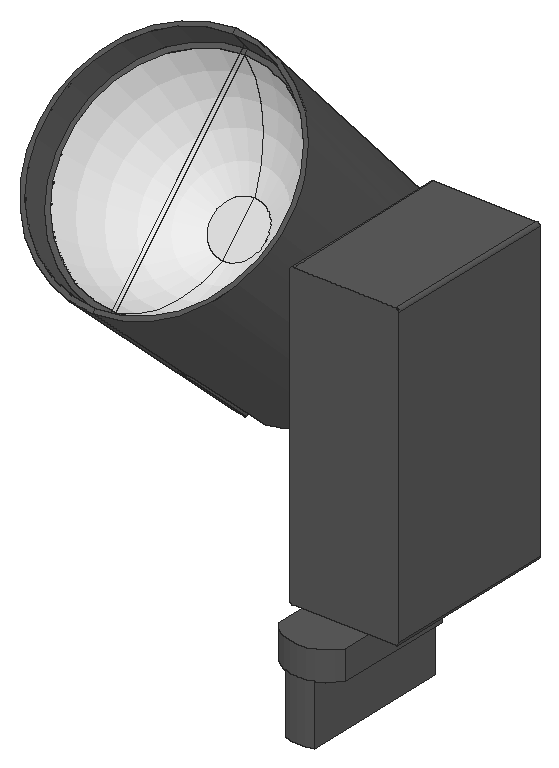
Revit family "0004845 Feilo Sylvania Lighting Fixture START TRACK SPOT L 55W 3K RA80 MB BLACK", category Lighting Fixtures, host Face, Revit 2017
Family settings
  Host = Face
  Round Connector Dimension = Use Diameter
  Part Type = Normal
  OmniClass Number = 23.80.70.00
  OmniClass Title = Lighting
  Cut with Voids When Loaded = No
  Light Source = No
  Shared = No
  Room Calculation Point = No
Parameters (values of type "0004845 START TRACK SPOT L 55W 3K RA80 MB BLACK")
  Weight = "1.398 kg"
  Wattage Comments = ""
  WarrantyStartDate [instance] = "n/a"
  WarrantyGuarantorParts = "n/a"
  WarrantyDurationUnit = "n/a"
  WarrantyDurationParts = "n/a"
  WarrantyDescription = "n/a"
  Voltage = 230 V
  URL = "http://www.sylvania-lighting.com"
  TypeName = "START TRACK SPOT L 55W 3K RA80 MB BLACK"
  TypeHead_FEILO = Start Track Spot Head : 0004845 START TRACK SPOT L 55W 3K RA80 MB BLACK
  TypeBox_FEILO = Start Track Spot Box : Type Large Black
  Type Image = <None>
  Type Comments = "n/a"
  VerticalRotation_FEILO [instance] = 0.00°
  SlideEndAngle_FEILO [instance] = VerticalRotation_FEILO + 180.00°  # 180.00°
  SerialNumber [instance] = "n/a"
  Material_3_FEILO = none
  PowerFactor = 0.96
  PowerConsumption = "55 W"
  NominalLength = 0 mm
  NominalHeight = 240 mm
  NominalDepth = 164 mm
  Name = "START TRACK SPOT L 55W 3K RA80 MB BLACK"
  ModelReference = Name  # "START TRACK SPOT L 55W 3K RA80 MB BLACK"
  ModelNumber = "0004845"
  Model = Name  # "START TRACK SPOT L 55W 3K RA80 MB BLACK"
  Material = "adc12 aluminium housing, polycarbonate diffuser"
  ManufacturerName = "Feilo Sylvania"
  Manufacturer = "Feilo Sylvania"
  LuminousEfficacy = "98 lm/W"
  LuminaireType = ""
  LightOutputRatio = "100"
  LampsType = Lamp  # "LED"
  LampNominalLuminous = "5381 lm"
  LampMacAdamStep = "3"
  LampColourTemperature = "3000 K"
  LampColourRenderingIndex = "80"
  Lamp = "LED"
  Keynote = "16500"
  InstallationDate [instance] = "n/a"
  InputVoltage = "230-240V~"
  InputNominalFrequency = "50/60 Hz"
  IngressProtection = "IP20"
  ImpactProtectionIndex = "IK02"
  IfcExportType = "IfcLightFixtureType"
  IfcExportAs = "IfcLightFixtureType"
  HorizontalRotation_FEILO [instance] = 45.00°
  ExpectedLife = 50000
  ElectricShockClassification = "Class II"
  DurationUnit = "hours"
  DocumentationLiterature = "http://www.sylvania-lighting.com/product/en-int/products/0004845"
  DimmingControlOptions = "Non dimmable"
  Material_2_FEILO = none
  Description = "Integrated LED spotlight, Textured Black - RAL9005, compact and minimalist design, ideal for retail applications, die-cast aluminium body, passive cooling heatsink. Beam angle: 38°, color temperature: 3000K , total system power: 55W, total fixture output: 5381 lm, LOR: 100%, colour rendering: Ra: 80 typical, LED Chromaticity: 3 step MacAdam ellipse, lifetime: >50000 hours at L70B50, energy class: A++, A+, A, IR/UV free light source without heat radiation, operating voltage: 220-240V / 50-60Hz, drive current: 1400mA, electronic driver, non-dimmable, power factor: 0.96, electrical protection: Class II, Global Track 3 Phase adapter suitable for Global trac 3-circuit tracks, ingress protection rating: IP20, suitable for internal environment only, horizontal rotation: 355°, vertical tilt: 90°, dimensions: Ø113x164x240, weight: 1.398kg."
  Default Elevation = 1219.2 mm
  CreatedOn = "12/12/2017"
  CreatedBy = ""
  Cost = 0
  built-in parameter 1114216 [instance] = (empty or 0)
  ClassificationValue = "EF_70_80"
  ClassificationName = "Uniclass2015"
  Material_1_FEILO = Body-Sylvania-StartTrackSpot-Black
  BarCode [instance] = "n/a"
  AssetType = "Fixed"
  AssetIdentifier [instance] = "n/a"
  Assembly Code = "D5020200"
  Apparent Load = 55 VA
  Material_4_FEILO = none
Reference planes
  plane 1 "Center (Front/Back)": y = 0
  plane 2: z = 0
  plane 3 "Center (Left/Right)": x = 0
  plane 4: x = 15
  plane 5: x = -15
  plane 6: y = 35
  plane 7: y = -35
  plane 8: z = 13
  plane 9: z = -27
  plane 10: x = 6.5
  plane 11: x = -6.5
  plane 12: y = 27
  plane 13: y = -27
  plane 14: y = 20
Forms (mm)
  Extrusion 1, solid, material "Body-Sylvania-StartTrackSpot-Black" <- "Material_1_FEILO"
    sketch origin (0, 0, 0) x (1, 0, 0) y (0, 1, 0)
      loop
        line (-15, 27) -> (-15, -27)
        arc (-15, -27) -> (0, -35) -> (15, -27) r 18.062
        line (15, -27) -> (15, 27)
        arc (15, 27) -> (0, 35) -> (-15, 27) r 18.062
    from 0 to 13
  Extrusion 2, solid, material "Body-Sylvania-StartTrackSpot-Black" <- "Material_1_FEILO"
    sketch origin (0, 0, 0) x (1, 0, 0) y (0, 1, 0)
      loop
        arc (6.5, 33.79) -> (0, 35) -> (-6.5, 33.79) r 18.062
        line (-6.5, 33.79) -> (-6.5, -33.79)
        arc (-6.5, -33.79) -> (0, -35) -> (6.5, -33.79) r 18.062
        line (6.5, -33.79) -> (6.5, 33.79)
    from 0 to -27
  Revolve 3, solid, not visible
    sketch origin (1524, 20, 1219.2) x (1, 0, 0) y (0, 0, 1)
      loop
        line (-1524, -1206.2) -> (-1524, -1191.285) -> (-1530.5, -1191.285) -> (-1530.5, -1206.2) -> (-1524, -1206.2)
      axis (-1524, -1191.285) -> (-1524, -1206.2)
    angle from 0 <- "VerticalRotation_FEILO" to 180 <- "SlideEndAngle_FEILO"
Cuts and joins
  joined: Extrusion 1, Extrusion 2
Dimensions and locks
  equal spacing: plane 10, plane 3 "Center (Left/Right)", plane 11
  equal spacing: plane 4, plane 3 "Center (Left/Right)", plane 5
  locked: plane 8 to plane 2 at 13
  locked: plane 8 to plane 9 at 40
  equal spacing: plane 13, plane 1 "Center (Front/Back)", plane 12
  locked: plane 12 to plane 6 at 8
  locked: plane 14 to plane 6 at 15
  locked: Revolve 3 sketch curve to plane 8 at 14.915
  aligned and locked: plane 2 to host face
  aligned and locked: level to host face
  aligned and locked: plane 5 to Extrusion 1 sketch curve  (x2)
  aligned and locked: plane 12 to Extrusion 1 sketch curve
  aligned and locked: plane 13 to Extrusion 1 sketch curve
  aligned and locked: plane 4 to Extrusion 1 sketch curve
  aligned and locked: Extrusion 1 to plane 8
  aligned and locked: Extrusion 1 to level
  aligned and locked: Extrusion 2 sketch curve to Extrusion 1  (x2)
  aligned and locked: Extrusion 2 sketch curve to plane 11
  aligned and locked: plane 10 to Extrusion 2 sketch curve
  aligned and locked: plane 9 to Extrusion 2
  aligned and locked: level to Extrusion 2
  aligned and locked: Revolve 3 sketch curve to plane 3 "Center (Left/Right)"  (x2)
  aligned and locked: plane 11 to Revolve 3 sketch curve
  aligned and locked: Revolve 3 sketch curve to plane 8
Automatic sketch dimensions
  host sketch curve to host sketch curve = 2438.4 mm  (x2)
  Extrusion 1 sketch curve to plane 3 "Center (Left/Right)" = 0 mm  (x2)
  Extrusion 1 sketch curve to plane 13 = 10.062 mm
  plane 12 to Extrusion 1 sketch curve = 10.062 mm
  Revolve 3 sketch curve to plane 3 "Center (Left/Right)" = 0 mm
  plane 9 to Revolve 3 sketch curve = 582.6 mm
  Revolve 3 sketch curve to Revolve 3 sketch curve = 2581.144 mm
Nested families
  nested 1: "Start Track Spot Head" at (-75.5, 20, 133) x (0, 0.7071, 0.7071) z (0, 0.7071, -0.7071), type <- "TypeHead_FEILO", type "0004845 START TRACK SPOT L 55W 3K RA80 MB BLACK"
    with built-in parameter 1114216 (empty or 0)
  nested 2: "Start Track Spot Box" at (8.5, 20, 85) x (-1, 0, 0) z (0, -1, 0), BoxStartAngle_FEILO <- "HorizontalRotation_FEILO", type <- "TypeBox_FEILO", type "Type Large Black"
    with BoxStartAngle_FEILO 45.00°, BoxEndAngle_FEILO -135.00°
Connectors
  electrical at (0, 0, 0), driven by "Apparent Load", driven by "PowerFactor", driven by "Voltage"
    settings: index 1, voltage 230 V, apparent load 55 VA, apparent load phase1 0 VA, apparent load phase2 0 VA, apparent load phase3 0 VA, power factor 0.96, load classification "Lighting", number of poles 1, system type 30, power factor state 1, is connector primary yes, connector utility no, sub classification motor no, connector description ""
Definition of nested family "Start Track Spot Head"
  Parameters (values of type "0004811 START TRACK SPOT S 14W 3K RA80 NB WHITE")
    Wattage Comments = "n/a"
    Wattage = 14 W
    built-in parameter 1150110 = 1 (stored number, unit not read)
    URL = "http://www.feilosylvania.com"
    Type Image = (empty or 0)
    Type Comments = "n/a"
    built-in parameter 1114217 = 1 (stored number, unit not read)
    Tilt Angle = -90.00°
    built-in parameter 1150109 = 1 (stored number, unit not read)
    built-in parameter 1150134 = (empty or 0)
    built-in parameter 1150113 = 1 (stored number, unit not read)
    Photometric Web File = "0004811.ies"
    Material_3_FEILO = none
    Model = "START TRACK SPOT S 14W 3K RA80 NB WHITE"
    Manufacturer = "Feilo Sylvania"
    built-in parameter 1150105 = 123.66 (stored number, unit not read)
    Lumens = 1554 lm
    built-in parameter 1150115 = 1 (stored number, unit not read)
    built-in parameter 1150137 = (empty or 0)
    built-in parameter 1150139 = (empty or 0)
    built-in parameter 1150112 = 1 (stored number, unit not read)
    built-in parameter 1150114 = 1 (stored number, unit not read)
    Lamp = "LED"
    Keynote = "16500"
    Material_2_FEILO = none
    built-in parameter 1150132 = (empty or 0)
    built-in parameter 1150102 = (empty or 0)
    built-in parameter 1150107 = 3000 (stored number, unit not read)
    built-in parameter 1150138 = (empty or 0)
    built-in parameter 1150106 = 1.2366 (stored number, unit not read)
    HeadThickness_FEILO = if(HeadDiaOut_FEILO > 112 mm, 2 mm, 1.5 mm)  # 1.5 mm
    HeadRibOffset_FEILO = HeadHeight_FEILO / 28  # 4.179 mm
    HeadRibDepth_FEILO = HeadHeight_FEILO / 2.1  # 55.714 mm
    HeadRibCutWidth_FEILO = HeadDiaOut_FEILO / 12  # 7.167 mm
    HeadRibCutOffset_FEILO = HeadHeight_FEILO / 2.3  # 50.87 mm
    HeadReflectorRadius_FEILO = HeadDiaOut_FEILO / 1.7  # 50.588 mm
    HeadReflectorOffset_FEILO = HeadHeight_FEILO / 2.1  # 55.714 mm
    HeadLEDRadius_FEILO = HeadDiaOut_FEILO / 9  # 9.556 mm
    HeadHeight_FEILO = 117 mm
    HeadDraft_FEILO = 1 mm
    HeadDiffusorThickness_FEILO = 3 mm
    HeadDiffusorOffset_FEILO = HeadHeight_FEILO / 12.4  # 9.435 mm
    HeadDiaOut_FEILO = 86 mm
    HeadDiaIn_FEILO = HeadDiaOut_FEILO / 1.11  # 77.477 mm
    HeadAxisFromTop_FEILO = HeadHeight_FEILO / 1.687  # 69.354 mm
    Emit from Circle Diameter = HeadDiaIn_FEILO  # 77.477 mm
    Emit Shape Visible in Rendering = no
    built-in parameter 1150104 = 10.312 (stored number, unit not read)
    Dimming Lamp Color Temperature Shift = (empty or 0)
    Description = "Integrated LED spotlight, Textured White - RAL9016, compact and minimalist design, ideal for retail applications, die-cast aluminium body, passive cooling heatsink. Beam angle: 12°, color temperature: 3000K , total system power: 14W, total fixture output: 1551 lm, LOR: 100%, colour rendering: Ra: 80 typical, LED Chromaticity: 3 step MacAdam ellipse, lifetime: >50000 hours at L70B50, energy class: A++, A+, A, IR/UV free light source without heat radiation, operating voltage: 220-240V / 50-60Hz, drive current: 350mA, electronic driver, non-dimmable, power factor: 0.92, electrical protection: Class II, Global Track 3 Phase adapter suitable for Global trac 3-circuit tracks, ingress protection rating: IP20, suitable for internal environment only, horizontal rotation: 355°, vertical tilt: 90°, dimensions: Ø86x140x200, weight: 0.940kg."
    Default Elevation = 1219.2 mm
    Cost = 0
    Color Filter = 16777215
    built-in parameter 1114216 [instance] = (empty or 0)
    Material_1_FEILO = none
    built-in parameter 1114218 = 1 (stored number, unit not read)
    built-in parameter 1150133 = 10 (stored number, unit not read)
    Assembly Code = "D5020200"
    Apparent Load = 14 VA
    Material_4_FEILO = none
  Types (96, lengths in mm): name | Wattage | built-in parameter 1150134 | Photometric Web File | Model | built-in parameter 1150105 | Lumens | built-in parameter 1150107 | built-in parameter 1150106 | HeadThickness_FEILO | HeadRibOffset_FEILO | HeadRibDepth_FEILO | HeadRibCutWidth_FEILO | HeadRibCutOffset_FEILO | HeadReflectorRadius_FEILO | HeadReflectorOffset_FEILO | HeadLEDRadius_FEILO | HeadHeight_FEILO | HeadDiffusorOffset_FEILO | HeadDiaOut_FEILO | HeadDiaIn_FEILO | HeadAxisFromTop_FEILO | Emit from Circle Diameter | built-in parameter 1150104 | Description | Apparent Load
    0004906 START TRACK SPOT L 55W 4K RA90 WB BLACK | 55 W | 12 | "0004906.ies" | "START TRACK SPOT L 55W 4K RA90 WB BLACK" | 385.15 (stored number, unit not read) | 4840 lm | 4000 (stored number, unit not read) | 3.8515 (stored number, unit not read) | 2 | 4.429 | 59.048 | 9.417 | 53.913 | 66.471 | 59.048 | 12.556 | 124 | 10 | 113 | 101.802 | 73.503 | 101.802 | 8.1755 (stored number, unit not read) | "Integrated LED spotlight, Textured Black - RAL9005, compact and minimalist design, ideal for retail applications, die-cast aluminium body, passive cooling heatsink. Beam angle: 52°, color temperature: 4000K , total system power: 55W, total fixture output: 4824 lm, LOR: 100%, colour rendering: Ra: 90 typical, LED Chromaticity: 3 step MacAdam ellipse, lifetime: >50000 hours at L70B50, energy class: A++, A+, A, IR/UV free light source without heat radiation, operating voltage: 220-240V / 50-60Hz, drive current: 1400mA, electronic driver, non-dimmable, power factor: 0.96, electrical protection: Class II, Global Track 3 Phase adapter suitable for Global trac 3-circuit tracks, ingress protection rating: IP20, suitable for internal environment only, horizontal rotation: 355°, vertical tilt: 90°, dimensions: Ø113x164x240, weight: 1.398kg." | 55 VA
    0004905 START TRACK SPOT L 55W 4K RA90 MB BLACK | 55 W | 12 | "0004905.ies" | "START TRACK SPOT L 55W 4K RA90 MB BLACK" | 389.53 (stored number, unit not read) | 4895 lm | 4000 (stored number, unit not read) | 3.8953 (stored number, unit not read) | 2 | 4.429 | 59.048 | 9.417 | 53.913 | 66.471 | 59.048 | 12.556 | 124 | 10 | 113 | 101.802 | 73.503 | 101.802 | 8.2684 (stored number, unit not read) | "Integrated LED spotlight, Textured Black - RAL9005, compact and minimalist design, ideal for retail applications, die-cast aluminium body, passive cooling heatsink. Beam angle: 38°, color temperature: 4000K , total system power: 55W, total fixture output: 4897 lm, LOR: 100%, colour rendering: Ra: 90 typical, LED Chromaticity: 3 step MacAdam ellipse, lifetime: >50000 hours at L70B50, energy class: A++, A+, A, IR/UV free light source without heat radiation, operating voltage: 220-240V / 50-60Hz, drive current: 1400mA, electronic driver, non-dimmable, power factor: 0.96, electrical protection: Class II, Global Track 3 Phase adapter suitable for Global trac 3-circuit tracks, ingress protection rating: IP20, suitable for internal environment only, horizontal rotation: 355°, vertical tilt: 90°, dimensions: Ø113x164x240, weight: 1.398kg." | 55 VA
    0004904 START TRACK SPOT L 55W 4K RA90 NB BLACK | 55 W | 12 | "0004904.ies" | "START TRACK SPOT L 55W 4K RA90 NB BLACK" | 393.91 (stored number, unit not read) | 4950 lm | 4000 (stored number, unit not read) | 3.9391 (stored number, unit not read) | 2 | 4.429 | 59.048 | 9.417 | 53.913 | 66.471 | 59.048 | 12.556 | 124 | 10 | 113 | 101.802 | 73.503 | 101.802 | 8.3613 (stored number, unit not read) | "Integrated LED spotlight, Textured Black - RAL9005, compact and minimalist design, ideal for retail applications, die-cast aluminium body, passive cooling heatsink. Beam angle: 15°, color temperature: 4000K , total system power: 55W, total fixture output: 4965 lm, LOR: 100%, colour rendering: Ra: 90 typical, LED Chromaticity: 3 step MacAdam ellipse, lifetime: >50000 hours at L70B50, energy class: A++, A+, A, IR/UV free light source without heat radiation, operating voltage: 220-240V / 50-60Hz, drive current: 1400mA, electronic driver, non-dimmable, power factor: 0.96, electrical protection: Class II, Global Track 3 Phase adapter suitable for Global trac 3-circuit tracks, ingress protection rating: IP20, suitable for internal environment only, horizontal rotation: 355°, vertical tilt: 90°, dimensions: Ø113x164x240, weight: 1.398kg." | 55 VA
    0004903 START TRACK SPOT L 35W 4K RA90 WB BLACK | 35 W | 12 | "0004903.ies" | "START TRACK SPOT L 35W 4K RA90 WB BLACK" | 284.09 (stored number, unit not read) | 3570 lm | 4000 (stored number, unit not read) | 2.8409 (stored number, unit not read) | 2 | 4.429 | 59.048 | 9.417 | 53.913 | 66.471 | 59.048 | 12.556 | 124 | 10 | 113 | 101.802 | 73.503 | 101.802 | 9.4761 (stored number, unit not read) | "Integrated LED spotlight, Textured Black - RAL9005, compact and minimalist design, ideal for retail applications, die-cast aluminium body, passive cooling heatsink. Beam angle: 52°, color temperature: 4000K , total system power: 35W, total fixture output: 3562 lm, LOR: 100%, colour rendering: Ra: 90 typical, LED Chromaticity: 3 step MacAdam ellipse, lifetime: >50000 hours at L70B50, energy class: A++, A+, A, IR/UV free light source without heat radiation, operating voltage: 220-240V / 50-60Hz, drive current: 900mA, electronic driver, non-dimmable, power factor: 0.93, electrical protection: Class II, Global Track 3 Phase adapter suitable for Global trac 3-circuit tracks, ingress protection rating: IP20, suitable for internal environment only, horizontal rotation: 355°, vertical tilt: 90°, dimensions: Ø113x164x240, weight: 1.368kg." | 35 VA
    0004902 START TRACK SPOT L 35W 4K RA90 MB BLACK | 35 W | 12 | "0004902.ies" | "START TRACK SPOT L 35W 4K RA90 MB BLACK" | 286.88 (stored number, unit not read) | 3605 lm | 4000 (stored number, unit not read) | 2.8688 (stored number, unit not read) | 2 | 4.429 | 59.048 | 9.417 | 53.913 | 66.471 | 59.048 | 12.556 | 124 | 10 | 113 | 101.802 | 73.503 | 101.802 | 9.569 (stored number, unit not read) | "Integrated LED spotlight, Textured Black - RAL9005, compact and minimalist design, ideal for retail applications, die-cast aluminium body, passive cooling heatsink. Beam angle: 38°, color temperature: 4000K , total system power: 35W, total fixture output: 3616 lm, LOR: 100%, colour rendering: Ra: 90 typical, LED Chromaticity: 3 step MacAdam ellipse, lifetime: >50000 hours at L70B50, energy class: A++, A+, A, IR/UV free light source without heat radiation, operating voltage: 220-240V / 50-60Hz, drive current: 900mA, electronic driver, non-dimmable, power factor: 0.93, electrical protection: Class II, Global Track 3 Phase adapter suitable for Global trac 3-circuit tracks, ingress protection rating: IP20, suitable for internal environment only, horizontal rotation: 355°, vertical tilt: 90°, dimensions: Ø113x164x240, weight: 1.368kg." | 35 VA
    0004901 START TRACK SPOT L 35W 4K RA90 NB BLACK | 35 W | 12 | "0004901.ies" | "START TRACK SPOT L 35W 4K RA90 NB BLACK" | 286.88 (stored number, unit not read) | 3605 lm | 4000 (stored number, unit not read) | 2.8688 (stored number, unit not read) | 2 | 4.429 | 59.048 | 9.417 | 53.913 | 66.471 | 59.048 | 12.556 | 124 | 10 | 113 | 101.802 | 73.503 | 101.802 | 9.569 (stored number, unit not read) | "Integrated LED spotlight, Textured Black - RAL9005, compact and minimalist design, ideal for retail applications, die-cast aluminium body, passive cooling heatsink. Beam angle: 15°, color temperature: 4000K , total system power: 35W, total fixture output: 3593 lm, LOR: 100%, colour rendering: Ra: 90 typical, LED Chromaticity: 3 step MacAdam ellipse, lifetime: >50000 hours at L70B50, energy class: A++, A+, A, IR/UV free light source without heat radiation, operating voltage: 220-240V / 50-60Hz, drive current: 900mA, electronic driver, non-dimmable, power factor: 0.93, electrical protection: Class II, Global Track 3 Phase adapter suitable for Global trac 3-circuit tracks, ingress protection rating: IP20, suitable for internal environment only, horizontal rotation: 355°, vertical tilt: 90°, dimensions: Ø113x164x240, weight: 1.368kg." | 35 VA
    0004900 START TRACK SPOT S 24W 4K RA90 WB BLACK | 24 W | 12 | "0004900.ies" | "START TRACK SPOT S 24W 4K RA90 WB BLACK" | 166.16 (stored number, unit not read) | 2088 lm | 4000 (stored number, unit not read) | 1.6616 (stored number, unit not read) | 1.5 | 4.179 | 55.714 | 7.167 | 50.87 | 50.588 | 55.714 | 9.556 | 117 | 9.435 | 86 | 77.477 | 69.354 | 77.477 | 8.0826 (stored number, unit not read) | "Integrated LED spotlight, Textured Black - RAL9005, compact and minimalist design, ideal for retail applications, die-cast aluminium body, passive cooling heatsink. Beam angle: 64°, color temperature: 4000K , total system power: 24W, total fixture output: 2087 lm, LOR: 100%, colour rendering: Ra: 90 typical, LED Chromaticity: 3 step MacAdam ellipse, lifetime: >50000 hours at L70B50, energy class: A++, A+, A, IR/UV free light source without heat radiation, operating voltage: 220-240V / 50-60Hz, drive current: 600mA, electronic driver, non-dimmable, power factor: 0.95, electrical protection: Class II, Global Track 3 Phase adapter suitable for Global trac 3-circuit tracks, ingress protection rating: IP20, suitable for internal environment only, horizontal rotation: 355°, vertical tilt: 90°, dimensions: Ø86x140x200, weight: 0.966kg." | 24 VA
    0004899 START TRACK SPOT S 24W 4K RA90 MB BLACK | 24 W | 12 | "0004899.ies" | "START TRACK SPOT S 24W 4K RA90 MB BLACK" | 169.98 (stored number, unit not read) | 2136 lm | 4000 (stored number, unit not read) | 1.6998 (stored number, unit not read) | 1.5 | 4.179 | 55.714 | 7.167 | 50.87 | 50.588 | 55.714 | 9.556 | 117 | 9.435 | 86 | 77.477 | 69.354 | 77.477 | 8.2684 (stored number, unit not read) | "Integrated LED spotlight, Textured Black - RAL9005, compact and minimalist design, ideal for retail applications, die-cast aluminium body, passive cooling heatsink. Beam angle: 36°, color temperature: 4000K , total system power: 24W, total fixture output: 2141 lm, LOR: 100%, colour rendering: Ra: 90 typical, LED Chromaticity: 3 step MacAdam ellipse, lifetime: >50000 hours at L70B50, energy class: A++, A+, A, IR/UV free light source without heat radiation, operating voltage: 220-240V / 50-60Hz, drive current: 600mA, electronic driver, non-dimmable, power factor: 0.95, electrical protection: Class II, Global Track 3 Phase adapter suitable for Global trac 3-circuit tracks, ingress protection rating: IP20, suitable for internal environment only, horizontal rotation: 355°, vertical tilt: 90°, dimensions: Ø86x140x200, weight: 0.966kg." | 24 VA
    0004898 START TRACK SPOT S 24W 4K RA90 NB BLACK | 24 W | 12 | "0004898.ies" | "START TRACK SPOT S 24W 4K RA90 NB BLACK" | 171.89 (stored number, unit not read) | 2160 lm | 4000 (stored number, unit not read) | 1.7189 (stored number, unit not read) | 1.5 | 4.179 | 55.714 | 7.167 | 50.87 | 50.588 | 55.714 | 9.556 | 117 | 9.435 | 86 | 77.477 | 69.354 | 77.477 | 8.3613 (stored number, unit not read) | "Integrated LED spotlight, Textured Black - RAL9005, compact and minimalist design, ideal for retail applications, die-cast aluminium body, passive cooling heatsink. Beam angle: 12°, color temperature: 4000K , total system power: 24W, total fixture output: 2155 lm, LOR: 100%, colour rendering: Ra: 90 typical, LED Chromaticity: 3 step MacAdam ellipse, lifetime: >50000 hours at L70B50, energy class: A++, A+, A, IR/UV free light source without heat radiation, operating voltage: 220-240V / 50-60Hz, drive current: 600mA, electronic driver, non-dimmable, power factor: 0.95, electrical protection: Class II, Global Track 3 Phase adapter suitable for Global trac 3-circuit tracks, ingress protection rating: IP20, suitable for internal environment only, horizontal rotation: 355°, vertical tilt: 90°, dimensions: Ø86x140x200, weight: 0.966kg." | 24 VA
    0004897 START TRACK SPOT S 14W 4K RA90 WB BLACK | 14 W | 12 | "0004897.ies" | "START TRACK SPOT S 14W 4K RA90 WB BLACK" | 108.07 (stored number, unit not read) | 1358 lm | 4000 (stored number, unit not read) | 1.0807 (stored number, unit not read) | 1.5 | 4.179 | 55.714 | 7.167 | 50.87 | 50.588 | 55.714 | 9.556 | 117 | 9.435 | 86 | 77.477 | 69.354 | 77.477 | 9.0116 (stored number, unit not read) | "Integrated LED spotlight, Textured Black - RAL9005, compact and minimalist design, ideal for retail applications, die-cast aluminium body, passive cooling heatsink. Beam angle: 64°, color temperature: 4000K , total system power: 14W, total fixture output: 1352 lm, LOR: 100%, colour rendering: Ra: 90 typical, LED Chromaticity: 3 step MacAdam ellipse, lifetime: >50000 hours at L70B50, energy class: A++, A+, A, IR/UV free light source without heat radiation, operating voltage: 220-240V / 50-60Hz, drive current: 350mA, electronic driver, non-dimmable, power factor: 0.92, electrical protection: Class II, Global Track 3 Phase adapter suitable for Global trac 3-circuit tracks, ingress protection rating: IP20, suitable for internal environment only, horizontal rotation: 355°, vertical tilt: 90°, dimensions: Ø86x140x200, weight: 0.940kg." | 14 VA
    0004896 START TRACK SPOT S 14W 4K RA90 MB BLACK | 14 W | 12 | "0004896.ies" | "START TRACK SPOT S 14W 4K RA90 MB BLACK" | 108.07 (stored number, unit not read) | 1358 lm | 4000 (stored number, unit not read) | 1.0807 (stored number, unit not read) | 1.5 | 4.179 | 55.714 | 7.167 | 50.87 | 50.588 | 55.714 | 9.556 | 117 | 9.435 | 86 | 77.477 | 69.354 | 77.477 | 9.0116 (stored number, unit not read) | "Integrated LED spotlight, Textured Black - RAL9005, compact and minimalist design, ideal for retail applications, die-cast aluminium body, passive cooling heatsink. Beam angle: 36°, color temperature: 4000K , total system power: 14W, total fixture output: 1359 lm, LOR: 100%, colour rendering: Ra: 90 typical, LED Chromaticity: 3 step MacAdam ellipse, lifetime: >50000 hours at L70B50, energy class: A++, A+, A, IR/UV free light source without heat radiation, operating voltage: 220-240V / 50-60Hz, drive current: 350mA, electronic driver, non-dimmable, power factor: 0.92, electrical protection: Class II, Global Track 3 Phase adapter suitable for Global trac 3-circuit tracks, ingress protection rating: IP20, suitable for internal environment only, horizontal rotation: 355°, vertical tilt: 90°, dimensions: Ø86x140x200, weight: 0.940kg." | 14 VA
    0004895 START TRACK SPOT S 14W 4K RA90 NB BLACK | 14 W | 12 | "0004895.ies" | "START TRACK SPOT S 14W 4K RA90 NB BLACK" | 106.95 (stored number, unit not read) | 1344 lm | 4000 (stored number, unit not read) | 1.0695 (stored number, unit not read) | 1.5 | 4.179 | 55.714 | 7.167 | 50.87 | 50.588 | 55.714 | 9.556 | 117 | 9.435 | 86 | 77.477 | 69.354 | 77.477 | 8.9187 (stored number, unit not read) | "Integrated LED spotlight, Textured Black - RAL9005, compact and minimalist design, ideal for retail applications, die-cast aluminium body, passive cooling heatsink. Beam angle: 12°, color temperature: 4000K , total system power: 14W, total fixture output: 1349 lm, LOR: 100%, colour rendering: Ra: 90 typical, LED Chromaticity: 3 step MacAdam ellipse, lifetime: >50000 hours at L70B50, energy class: A++, A+, A, IR/UV free light source without heat radiation, operating voltage: 220-240V / 50-60Hz, drive current: 350mA, electronic driver, non-dimmable, power factor: 0.92, electrical protection: Class II, Global Track 3 Phase adapter suitable for Global trac 3-circuit tracks, ingress protection rating: IP20, suitable for internal environment only, horizontal rotation: 355°, vertical tilt: 90°, dimensions: Ø86x140x200, weight: 0.940kg." | 14 VA
    0004894 START TRACK SPOT L 55W 3K RA90 WB BLACK | 55 W | (empty or 0) | "0004894.ies" | "START TRACK SPOT L 55W 3K RA90 WB BLACK" | 350.14 (stored number, unit not read) | 4400 lm | 3000 (stored number, unit not read) | 3.5014 (stored number, unit not read) | 2 | 4.429 | 59.048 | 9.417 | 53.913 | 66.471 | 59.048 | 12.556 | 124 | 10 | 113 | 101.802 | 73.503 | 101.802 | 7.4322 (stored number, unit not read) | "Integrated LED spotlight, Textured Black - RAL9005, compact and minimalist design, ideal for retail applications, die-cast aluminium body, passive cooling heatsink. Beam angle: 52°, color temperature: 3000K , total system power: 55W, total fixture output: 4405 lm, LOR: 100%, colour rendering: Ra: 90 typical, LED Chromaticity: 3 step MacAdam ellipse, lifetime: >50000 hours at L70B50, energy class: A++, A+, A, IR/UV free light source without heat radiation, operating voltage: 220-240V / 50-60Hz, drive current: 1400mA, electronic driver, non-dimmable, power factor: 0.96, electrical protection: Class II, Global Track 3 Phase adapter suitable for Global trac 3-circuit tracks, ingress protection rating: IP20, suitable for internal environment only, horizontal rotation: 355°, vertical tilt: 90°, dimensions: Ø113x164x240, weight: 1.398kg." | 55 VA
    0004893 START TRACK SPOT L 55W 3K RA90 MB BLACK | 55 W | (empty or 0) | "0004893.ies" | "START TRACK SPOT L 55W 3K RA90 MB BLACK" | 354.52 (stored number, unit not read) | 4455 lm | 3000 (stored number, unit not read) | 3.5452 (stored number, unit not read) | 2 | 4.429 | 59.048 | 9.417 | 53.913 | 66.471 | 59.048 | 12.556 | 124 | 10 | 113 | 101.802 | 73.503 | 101.802 | 7.5251 (stored number, unit not read) | "Integrated LED spotlight, Textured Black - RAL9005, compact and minimalist design, ideal for retail applications, die-cast aluminium body, passive cooling heatsink. Beam angle: 38°, color temperature: 3000K , total system power: 55W, total fixture output: 4448 lm, LOR: 100%, colour rendering: Ra: 90 typical, LED Chromaticity: 3 step MacAdam ellipse, lifetime: >50000 hours at L70B50, energy class: A++, A+, A, IR/UV free light source without heat radiation, operating voltage: 220-240V / 50-60Hz, drive current: 1400mA, electronic driver, non-dimmable, power factor: 0.96, electrical protection: Class II, Global Track 3 Phase adapter suitable for Global trac 3-circuit tracks, ingress protection rating: IP20, suitable for internal environment only, horizontal rotation: 355°, vertical tilt: 90°, dimensions: Ø113x164x240, weight: 1.398kg." | 55 VA
    0004892 START TRACK SPOT L 55W 3K RA90 NB BLACK | 55 W | (empty or 0) | "0004892.ies" | "START TRACK SPOT L 55W 3K RA90 NB BLACK" | 350.14 (stored number, unit not read) | 4400 lm | 3000 (stored number, unit not read) | 3.5014 (stored number, unit not read) | 2 | 4.429 | 59.048 | 9.417 | 53.913 | 66.471 | 59.048 | 12.556 | 124 | 10 | 113 | 101.802 | 73.503 | 101.802 | 7.4322 (stored number, unit not read) | "Integrated LED spotlight, Textured Black - RAL9005, compact and minimalist design, ideal for retail applications, die-cast aluminium body, passive cooling heatsink. Beam angle: 15°, color temperature: 3000K , total system power: 55W, total fixture output: 4416 lm, LOR: 100%, colour rendering: Ra: 90 typical, LED Chromaticity: 3 step MacAdam ellipse, lifetime: >50000 hours at L70B50, energy class: A++, A+, A, IR/UV free light source without heat radiation, operating voltage: 220-240V / 50-60Hz, drive current: 1400mA, electronic driver, non-dimmable, power factor: 0.96, electrical protection: Class II, Global Track 3 Phase adapter suitable for Global trac 3-circuit tracks, ingress protection rating: IP20, suitable for internal environment only, horizontal rotation: 355°, vertical tilt: 90°, dimensions: Ø113x164x240, weight: 1.398kg." | 55 VA
    0004891 START TRACK SPOT L 35W 3K RA90 WB BLACK | 35 W | (empty or 0) | "0004891.ies" | "START TRACK SPOT L 35W 3K RA90 WB BLACK" | 259.02 (stored number, unit not read) | 3255 lm | 3000 (stored number, unit not read) | 2.5902 (stored number, unit not read) | 2 | 4.429 | 59.048 | 9.417 | 53.913 | 66.471 | 59.048 | 12.556 | 124 | 10 | 113 | 101.802 | 73.503 | 101.802 | 8.64 (stored number, unit not read) | "Integrated LED spotlight, Textured Black - RAL9005, compact and minimalist design, ideal for retail applications, die-cast aluminium body, passive cooling heatsink. Beam angle: 52°, color temperature: 3000K , total system power: 35W, total fixture output: 3260 lm, LOR: 100%, colour rendering: Ra: 90 typical, LED Chromaticity: 3 step MacAdam ellipse, lifetime: >50000 hours at L70B50, energy class: A++, A+, A, IR/UV free light source without heat radiation, operating voltage: 220-240V / 50-60Hz, drive current: 900mA, electronic driver, non-dimmable, power factor: 0.93, electrical protection: Class II, Global Track 3 Phase adapter suitable for Global trac 3-circuit tracks, ingress protection rating: IP20, suitable for internal environment only, horizontal rotation: 355°, vertical tilt: 90°, dimensions: Ø113x164x240, weight: 1.368kg." | 35 VA
    0004890 START TRACK SPOT L 35W 3K RA90 MB BLACK | 35 W | (empty or 0) | "0004890.ies" | "START TRACK SPOT L 35W 3K RA90 MB BLACK" | 261.81 (stored number, unit not read) | 3290 lm | 3000 (stored number, unit not read) | 2.6181 (stored number, unit not read) | 2 | 4.429 | 59.048 | 9.417 | 53.913 | 66.471 | 59.048 | 12.556 | 124 | 10 | 113 | 101.802 | 73.503 | 101.802 | 8.7329 (stored number, unit not read) | "Integrated LED spotlight, Textured Black - RAL9005, compact and minimalist design, ideal for retail applications, die-cast aluminium body, passive cooling heatsink. Beam angle: 38°, color temperature: 3000K , total system power: 35W, total fixture output: 3306 lm, LOR: 100%, colour rendering: Ra: 90 typical, LED Chromaticity: 3 step MacAdam ellipse, lifetime: >50000 hours at L70B50, energy class: A++, A+, A, IR/UV free light source without heat radiation, operating voltage: 220-240V / 50-60Hz, drive current: 900mA, electronic driver, non-dimmable, power factor: 0.93, electrical protection: Class II, Global Track 3 Phase adapter suitable for Global trac 3-circuit tracks, ingress protection rating: IP20, suitable for internal environment only, horizontal rotation: 355°, vertical tilt: 90°, dimensions: Ø113x164x240, weight: 1.368kg." | 35 VA
    0004889 START TRACK SPOT L 35W 3K RA90 NB BLACK | 35 W | (empty or 0) | "0004889.ies" | "START TRACK SPOT L 35W 3K RA90 NB BLACK" | 261.81 (stored number, unit not read) | 3290 lm | 3000 (stored number, unit not read) | 2.6181 (stored number, unit not read) | 2 | 4.429 | 59.048 | 9.417 | 53.913 | 66.471 | 59.048 | 12.556 | 124 | 10 | 113 | 101.802 | 73.503 | 101.802 | 8.7329 (stored number, unit not read) | "Integrated LED spotlight, Textured Black - RAL9005, compact and minimalist design, ideal for retail applications, die-cast aluminium body, passive cooling heatsink. Beam angle: 15°, color temperature: 3000K , total system power: 35W, total fixture output: 3287 lm, LOR: 100%, colour rendering: Ra: 90 typical, LED Chromaticity: 3 step MacAdam ellipse, lifetime: >50000 hours at L70B50, energy class: A++, A+, A, IR/UV free light source without heat radiation, operating voltage: 220-240V / 50-60Hz, drive current: 900mA, electronic driver, non-dimmable, power factor: 0.93, electrical protection: Class II, Global Track 3 Phase adapter suitable for Global trac 3-circuit tracks, ingress protection rating: IP20, suitable for internal environment only, horizontal rotation: 355°, vertical tilt: 90°, dimensions: Ø113x164x240, weight: 1.368kg." | 35 VA
    0004888 START TRACK SPOT S 24W 3K RA90 WB BLACK | 24 W | (empty or 0) | "0004888.ies" | "START TRACK SPOT S 24W 3K RA90 WB BLACK" | 152.79 (stored number, unit not read) | 1920 lm | 3000 (stored number, unit not read) | 1.5279 (stored number, unit not read) | 1.5 | 4.179 | 55.714 | 7.167 | 50.87 | 50.588 | 55.714 | 9.556 | 117 | 9.435 | 86 | 77.477 | 69.354 | 77.477 | 7.4322 (stored number, unit not read) | "Integrated LED spotlight, Textured Black - RAL9005, compact and minimalist design, ideal for retail applications, die-cast aluminium body, passive cooling heatsink. Beam angle: 64°, color temperature: 3000K , total system power: 24W, total fixture output: 1928 lm, LOR: 100%, colour rendering: Ra: 90 typical, LED Chromaticity: 3 step MacAdam ellipse, lifetime: >50000 hours at L70B50, energy class: A++, A+, A, IR/UV free light source without heat radiation, operating voltage: 220-240V / 50-60Hz, drive current: 600mA, electronic driver, non-dimmable, power factor: 0.95, electrical protection: Class II, Global Track 3 Phase adapter suitable for Global trac 3-circuit tracks, ingress protection rating: IP20, suitable for internal environment only, horizontal rotation: 355°, vertical tilt: 90°, dimensions: Ø86x140x200, weight: 0.966kg." | 24 VA
    0004887 START TRACK SPOT S 24W 3K RA90 MB BLACK | 24 W | (empty or 0) | "0004887.ies" | "START TRACK SPOT S 24W 3K RA90 MB BLACK" | 154.7 (stored number, unit not read) | 1944 lm | 3000 (stored number, unit not read) | 1.547 (stored number, unit not read) | 1.5 | 4.179 | 55.714 | 7.167 | 50.87 | 50.588 | 55.714 | 9.556 | 117 | 9.435 | 86 | 77.477 | 69.354 | 77.477 | 7.5251 (stored number, unit not read) | "Integrated LED spotlight, Textured Black - RAL9005, compact and minimalist design, ideal for retail applications, die-cast aluminium body, passive cooling heatsink. Beam angle: 36°, color temperature: 3000K , total system power: 24W, total fixture output: 1944 lm, LOR: 100%, colour rendering: Ra: 90 typical, LED Chromaticity: 3 step MacAdam ellipse, lifetime: >50000 hours at L70B50, energy class: A++, A+, A, IR/UV free light source without heat radiation, operating voltage: 220-240V / 50-60Hz, drive current: 600mA, electronic driver, non-dimmable, power factor: 0.95, electrical protection: Class II, Global Track 3 Phase adapter suitable for Global trac 3-circuit tracks, ingress protection rating: IP20, suitable for internal environment only, horizontal rotation: 355°, vertical tilt: 90°, dimensions: Ø86x140x200, weight: 0.966kg." | 24 VA
    0004886 START TRACK SPOT S 24W 3K RA90 NB BLACK | 24 W | (empty or 0) | "0004886.ies" | "START TRACK SPOT S 24W 3K RA90 NB BLACK" | 158.52 (stored number, unit not read) | 1992 lm | 3000 (stored number, unit not read) | 1.5852 (stored number, unit not read) | 1.5 | 4.179 | 55.714 | 7.167 | 50.87 | 50.588 | 55.714 | 9.556 | 117 | 9.435 | 86 | 77.477 | 69.354 | 77.477 | 7.711 (stored number, unit not read) | "Integrated LED spotlight, Textured Black - RAL9005, compact and minimalist design, ideal for retail applications, die-cast aluminium body, passive cooling heatsink. Beam angle: 12°, color temperature: 3000K , total system power: 24W, total fixture output: 1987 lm, LOR: 100%, colour rendering: Ra: 90 typical, LED Chromaticity: 3 step MacAdam ellipse, lifetime: >50000 hours at L70B50, energy class: A++, A+, A, IR/UV free light source without heat radiation, operating voltage: 220-240V / 50-60Hz, drive current: 600mA, electronic driver, non-dimmable, power factor: 0.95, electrical protection: Class II, Global Track 3 Phase adapter suitable for Global trac 3-circuit tracks, ingress protection rating: IP20, suitable for internal environment only, horizontal rotation: 355°, vertical tilt: 90°, dimensions: Ø86x140x200, weight: 0.966kg." | 24 VA
    0004885 START TRACK SPOT S 14W 3K RA90 WB BLACK | 14 W | (empty or 0) | "0004885.ies" | "START TRACK SPOT S 14W 3K RA90 WB BLACK" | 100.27 (stored number, unit not read) | 1260 lm | 3000 (stored number, unit not read) | 1.0027 (stored number, unit not read) | 1.5 | 4.179 | 55.714 | 7.167 | 50.87 | 50.588 | 55.714 | 9.556 | 117 | 9.435 | 86 | 77.477 | 69.354 | 77.477 | 8.3613 (stored number, unit not read) | "Integrated LED spotlight, Textured Black - RAL9005, compact and minimalist design, ideal for retail applications, die-cast aluminium body, passive cooling heatsink. Beam angle: 64°, color temperature: 3000K , total system power: 14W, total fixture output: 1262 lm, LOR: 100%, colour rendering: Ra: 90 typical, LED Chromaticity: 3 step MacAdam ellipse, lifetime: >50000 hours at L70B50, energy class: A++, A+, A, IR/UV free light source without heat radiation, operating voltage: 220-240V / 50-60Hz, drive current: 350mA, electronic driver, non-dimmable, power factor: 0.92, electrical protection: Class II, Global Track 3 Phase adapter suitable for Global trac 3-circuit tracks, ingress protection rating: IP20, suitable for internal environment only, horizontal rotation: 355°, vertical tilt: 90°, dimensions: Ø86x140x200, weight: 0.940kg." | 14 VA
    0004884 START TRACK SPOT S 14W 3K RA90 MB BLACK | 14 W | (empty or 0) | "0004884.ies" | "START TRACK SPOT S 14W 3K RA90 MB BLACK" | 100.27 (stored number, unit not read) | 1260 lm | 3000 (stored number, unit not read) | 1.0027 (stored number, unit not read) | 1.5 | 4.179 | 55.714 | 7.167 | 50.87 | 50.588 | 55.714 | 9.556 | 117 | 9.435 | 86 | 77.477 | 69.354 | 77.477 | 8.3613 (stored number, unit not read) | "Integrated LED spotlight, Textured Black - RAL9005, compact and minimalist design, ideal for retail applications, die-cast aluminium body, passive cooling heatsink. Beam angle: 36°, color temperature: 3000K , total system power: 14W, total fixture output: 1262 lm, LOR: 100%, colour rendering: Ra: 90 typical, LED Chromaticity: 3 step MacAdam ellipse, lifetime: >50000 hours at L70B50, energy class: A++, A+, A, IR/UV free light source without heat radiation, operating voltage: 220-240V / 50-60Hz, drive current: 350mA, electronic driver, non-dimmable, power factor: 0.92, electrical protection: Class II, Global Track 3 Phase adapter suitable for Global trac 3-circuit tracks, ingress protection rating: IP20, suitable for internal environment only, horizontal rotation: 355°, vertical tilt: 90°, dimensions: Ø86x140x200, weight: 0.940kg." | 14 VA
    0004883 START TRACK SPOT S 14W 3K RA90 NB BLACK | 14 W | (empty or 0) | "0004883.ies" | "START TRACK SPOT S 14W 3K RA90 NB BLACK" | 102.5 (stored number, unit not read) | 1288 lm | 3000 (stored number, unit not read) | 1.025 (stored number, unit not read) | 1.5 | 4.179 | 55.714 | 7.167 | 50.87 | 50.588 | 55.714 | 9.556 | 117 | 9.435 | 86 | 77.477 | 69.354 | 77.477 | 8.5471 (stored number, unit not read) | "Integrated LED spotlight, Textured Black - RAL9005, compact and minimalist design, ideal for retail applications, die-cast aluminium body, passive cooling heatsink. Beam angle: 12°, color temperature: 3000K , total system power: 14W, total fixture output: 1284 lm, LOR: 100%, colour rendering: Ra: 90 typical, LED Chromaticity: 3 step MacAdam ellipse, lifetime: >50000 hours at L70B50, energy class: A++, A+, A, IR/UV free light source without heat radiation, operating voltage: 220-240V / 50-60Hz, drive current: 350mA, electronic driver, non-dimmable, power factor: 0.92, electrical protection: Class II, Global Track 3 Phase adapter suitable for Global trac 3-circuit tracks, ingress protection rating: IP20, suitable for internal environment only, horizontal rotation: 355°, vertical tilt: 90°, dimensions: Ø86x140x200, weight: 0.940kg." | 14 VA
    0004882 START TRACK SPOT L 55W 4K RA90 WB WHITE | 55 W | 12 | "0004882.ies" | "START TRACK SPOT L 55W 4K RA90 WB WHITE" | 385.15 (stored number, unit not read) | 4840 lm | 4000 (stored number, unit not read) | 3.8515 (stored number, unit not read) | 2 | 4.429 | 59.048 | 9.417 | 53.913 | 66.471 | 59.048 | 12.556 | 124 | 10 | 113 | 101.802 | 73.503 | 101.802 | 8.1755 (stored number, unit not read) | "Integrated LED spotlight, Textured White - RAL9016, compact and minimalist design, ideal for retail applications, die-cast aluminium body, passive cooling heatsink. Beam angle: 52°, color temperature: 4000K , total system power: 55W, total fixture output: 4824 lm, LOR: 100%, colour rendering: Ra: 90 typical, LED Chromaticity: 3 step MacAdam ellipse, lifetime: >50000 hours at L70B50, energy class: A++, A+, A, IR/UV free light source without heat radiation, operating voltage: 220-240V / 50-60Hz, drive current: 1400mA, electronic driver, non-dimmable, power factor: 0.96, electrical protection: Class II, Global Track 3 Phase adapter suitable for Global trac 3-circuit tracks, ingress protection rating: IP20, suitable for internal environment only, horizontal rotation: 355°, vertical tilt: 90°, dimensions: Ø113x164x240, weight: 1.398kg." | 55 VA
    0004881 START TRACK SPOT L 55W 4K RA90 MB WHITE | 55 W | 12 | "0004881.ies" | "START TRACK SPOT L 55W 4K RA90 MB WHITE" | 389.53 (stored number, unit not read) | 4895 lm | 4000 (stored number, unit not read) | 3.8953 (stored number, unit not read) | 2 | 4.429 | 59.048 | 9.417 | 53.913 | 66.471 | 59.048 | 12.556 | 124 | 10 | 113 | 101.802 | 73.503 | 101.802 | 8.2684 (stored number, unit not read) | "Integrated LED spotlight, Textured White - RAL9016, compact and minimalist design, ideal for retail applications, die-cast aluminium body, passive cooling heatsink. Beam angle: 38°, color temperature: 4000K , total system power: 55W, total fixture output: 4897 lm, LOR: 100%, colour rendering: Ra: 90 typical, LED Chromaticity: 3 step MacAdam ellipse, lifetime: >50000 hours at L70B50, energy class: A++, A+, A, IR/UV free light source without heat radiation, operating voltage: 220-240V / 50-60Hz, drive current: 1400mA, electronic driver, non-dimmable, power factor: 0.96, electrical protection: Class II, Global Track 3 Phase adapter suitable for Global trac 3-circuit tracks, ingress protection rating: IP20, suitable for internal environment only, horizontal rotation: 355°, vertical tilt: 90°, dimensions: Ø113x164x240, weight: 1.398kg." | 55 VA
    0004880 START TRACK SPOT L 55W 4K RA90 NB WHITE | 55 W | 12 | "0004880.ies" | "START TRACK SPOT L 55W 4K RA90 NB WHITE" | 393.91 (stored number, unit not read) | 4950 lm | 4000 (stored number, unit not read) | 3.9391 (stored number, unit not read) | 2 | 4.429 | 59.048 | 9.417 | 53.913 | 66.471 | 59.048 | 12.556 | 124 | 10 | 113 | 101.802 | 73.503 | 101.802 | 8.3613 (stored number, unit not read) | "Integrated LED spotlight, Textured White - RAL9016, compact and minimalist design, ideal for retail applications, die-cast aluminium body, passive cooling heatsink. Beam angle: 15°, color temperature: 4000K , total system power: 55W, total fixture output: 4965 lm, LOR: 100%, colour rendering: Ra: 90 typical, LED Chromaticity: 3 step MacAdam ellipse, lifetime: >50000 hours at L70B50, energy class: A++, A+, A, IR/UV free light source without heat radiation, operating voltage: 220-240V / 50-60Hz, drive current: 1400mA, electronic driver, non-dimmable, power factor: 0.96, electrical protection: Class II, Global Track 3 Phase adapter suitable for Global trac 3-circuit tracks, ingress protection rating: IP20, suitable for internal environment only, horizontal rotation: 355°, vertical tilt: 90°, dimensions: Ø113x164x240, weight: 1.398kg." | 55 VA
    0004879 START TRACK SPOT L 35W 4K RA90 WB WHITE | 35 W | 12 | "0004879.ies" | "START TRACK SPOT L 35W 4K RA90 WB WHITE" | 284.09 (stored number, unit not read) | 3570 lm | 4000 (stored number, unit not read) | 2.8409 (stored number, unit not read) | 2 | 4.429 | 59.048 | 9.417 | 53.913 | 66.471 | 59.048 | 12.556 | 124 | 10 | 113 | 101.802 | 73.503 | 101.802 | 9.4761 (stored number, unit not read) | "Integrated LED spotlight, Textured White - RAL9016, compact and minimalist design, ideal for retail applications, die-cast aluminium body, passive cooling heatsink. Beam angle: 52°, color temperature: 4000K , total system power: 35W, total fixture output: 3562 lm, LOR: 100%, colour rendering: Ra: 90 typical, LED Chromaticity: 3 step MacAdam ellipse, lifetime: >50000 hours at L70B50, energy class: A++, A+, A, IR/UV free light source without heat radiation, operating voltage: 220-240V / 50-60Hz, drive current: 900mA, electronic driver, non-dimmable, power factor: 0.93, electrical protection: Class II, Global Track 3 Phase adapter suitable for Global trac 3-circuit tracks, ingress protection rating: IP20, suitable for internal environment only, horizontal rotation: 355°, vertical tilt: 90°, dimensions: Ø113x164x240, weight: 1.368kg." | 35 VA
    0004878 START TRACK SPOT L 35W 4K RA90 MB WHITE | 35 W | 12 | "0004878.ies" | "START TRACK SPOT L 35W 4K RA90 MB WHITE" | 286.88 (stored number, unit not read) | 3605 lm | 4000 (stored number, unit not read) | 2.8688 (stored number, unit not read) | 2 | 4.429 | 59.048 | 9.417 | 53.913 | 66.471 | 59.048 | 12.556 | 124 | 10 | 113 | 101.802 | 73.503 | 101.802 | 9.569 (stored number, unit not read) | "Integrated LED spotlight, Textured White - RAL9016, compact and minimalist design, ideal for retail applications, die-cast aluminium body, passive cooling heatsink. Beam angle: 38°, color temperature: 4000K , total system power: 35W, total fixture output: 3616 lm, LOR: 100%, colour rendering: Ra: 90 typical, LED Chromaticity: 3 step MacAdam ellipse, lifetime: >50000 hours at L70B50, energy class: A++, A+, A, IR/UV free light source without heat radiation, operating voltage: 220-240V / 50-60Hz, drive current: 900mA, electronic driver, non-dimmable, power factor: 0.93, electrical protection: Class II, Global Track 3 Phase adapter suitable for Global trac 3-circuit tracks, ingress protection rating: IP20, suitable for internal environment only, horizontal rotation: 355°, vertical tilt: 90°, dimensions: Ø113x164x240, weight: 1.368kg." | 35 VA
    0004877 START TRACK SPOT L 35W 4K RA90 NB WHITE | 35 W | 12 | "0004877.ies" | "START TRACK SPOT L 35W 4K RA90 NB WHITE" | 286.88 (stored number, unit not read) | 3605 lm | 4000 (stored number, unit not read) | 2.8688 (stored number, unit not read) | 2 | 4.429 | 59.048 | 9.417 | 53.913 | 66.471 | 59.048 | 12.556 | 124 | 10 | 113 | 101.802 | 73.503 | 101.802 | 9.569 (stored number, unit not read) | "Integrated LED spotlight, Textured White - RAL9016, compact and minimalist design, ideal for retail applications, die-cast aluminium body, passive cooling heatsink. Beam angle: 15°, color temperature: 4000K , total system power: 35W, total fixture output: 3593 lm, LOR: 100%, colour rendering: Ra: 90 typical, LED Chromaticity: 3 step MacAdam ellipse, lifetime: >50000 hours at L70B50, energy class: A++, A+, A, IR/UV free light source without heat radiation, operating voltage: 220-240V / 50-60Hz, drive current: 900mA, electronic driver, non-dimmable, power factor: 0.93, electrical protection: Class II, Global Track 3 Phase adapter suitable for Global trac 3-circuit tracks, ingress protection rating: IP20, suitable for internal environment only, horizontal rotation: 355°, vertical tilt: 90°, dimensions: Ø113x164x240, weight: 1.368kg." | 35 VA
    0004876 START TRACK SPOT S 24W 4K RA90 WB WHITE | 24 W | 12 | "0004876.ies" | "START TRACK SPOT S 24W 4K RA90 WB WHITE" | 166.16 (stored number, unit not read) | 2088 lm | 4000 (stored number, unit not read) | 1.6616 (stored number, unit not read) | 1.5 | 4.179 | 55.714 | 7.167 | 50.87 | 50.588 | 55.714 | 9.556 | 117 | 9.435 | 86 | 77.477 | 69.354 | 77.477 | 8.0826 (stored number, unit not read) | "Integrated LED spotlight, Textured White - RAL9016, compact and minimalist design, ideal for retail applications, die-cast aluminium body, passive cooling heatsink. Beam angle: 64°, color temperature: 4000K , total system power: 24W, total fixture output: 2087 lm, LOR: 100%, colour rendering: Ra: 90 typical, LED Chromaticity: 3 step MacAdam ellipse, lifetime: >50000 hours at L70B50, energy class: A++, A+, A, IR/UV free light source without heat radiation, operating voltage: 220-240V / 50-60Hz, drive current: 600mA, electronic driver, non-dimmable, power factor: 0.95, electrical protection: Class II, Global Track 3 Phase adapter suitable for Global trac 3-circuit tracks, ingress protection rating: IP20, suitable for internal environment only, horizontal rotation: 355°, vertical tilt: 90°, dimensions: Ø86x140x200, weight: 0.966kg." | 24 VA
    0004875 START TRACK SPOT S 24W 4K RA90 MB WHITE | 24 W | 12 | "0004875.ies" | "START TRACK SPOT S 24W 4K RA90 MB WHITE" | 169.98 (stored number, unit not read) | 2136 lm | 4000 (stored number, unit not read) | 1.6998 (stored number, unit not read) | 1.5 | 4.179 | 55.714 | 7.167 | 50.87 | 50.588 | 55.714 | 9.556 | 117 | 9.435 | 86 | 77.477 | 69.354 | 77.477 | 8.2684 (stored number, unit not read) | "Integrated LED spotlight, Textured White - RAL9016, compact and minimalist design, ideal for retail applications, die-cast aluminium body, passive cooling heatsink. Beam angle: 36°, color temperature: 4000K , total system power: 24W, total fixture output: 2141 lm, LOR: 100%, colour rendering: Ra: 90 typical, LED Chromaticity: 3 step MacAdam ellipse, lifetime: >50000 hours at L70B50, energy class: A++, A+, A, IR/UV free light source without heat radiation, operating voltage: 220-240V / 50-60Hz, drive current: 600mA, electronic driver, non-dimmable, power factor: 0.95, electrical protection: Class II, Global Track 3 Phase adapter suitable for Global trac 3-circuit tracks, ingress protection rating: IP20, suitable for internal environment only, horizontal rotation: 355°, vertical tilt: 90°, dimensions: Ø86x140x200, weight: 0.966kg." | 24 VA
    0004874 START TRACK SPOT S 24W 4K RA90 NB WHITE | 24 W | 12 | "0004874.ies" | "START TRACK SPOT S 24W 4K RA90 NB WHITE" | 171.89 (stored number, unit not read) | 2160 lm | 4000 (stored number, unit not read) | 1.7189 (stored number, unit not read) | 1.5 | 4.179 | 55.714 | 7.167 | 50.87 | 50.588 | 55.714 | 9.556 | 117 | 9.435 | 86 | 77.477 | 69.354 | 77.477 | 8.3613 (stored number, unit not read) | "Integrated LED spotlight, Textured White - RAL9016, compact and minimalist design, ideal for retail applications, die-cast aluminium body, passive cooling heatsink. Beam angle: 12°, color temperature: 4000K , total system power: 24W, total fixture output: 2155 lm, LOR: 100%, colour rendering: Ra: 90 typical, LED Chromaticity: 3 step MacAdam ellipse, lifetime: >50000 hours at L70B50, energy class: A++, A+, A, IR/UV free light source without heat radiation, operating voltage: 220-240V / 50-60Hz, drive current: 600mA, electronic driver, non-dimmable, power factor: 0.95, electrical protection: Class II, Global Track 3 Phase adapter suitable for Global trac 3-circuit tracks, ingress protection rating: IP20, suitable for internal environment only, horizontal rotation: 355°, vertical tilt: 90°, dimensions: Ø86x140x200, weight: 0.966kg." | 24 VA
    0004873 START TRACK SPOT S 14W 4K RA90 WB WHITE | 14 W | 12 | "0004873.ies" | "START TRACK SPOT S 14W 4K RA90 WB WHITE" | 108.07 (stored number, unit not read) | 1358 lm | 4000 (stored number, unit not read) | 1.0807 (stored number, unit not read) | 1.5 | 4.179 | 55.714 | 7.167 | 50.87 | 50.588 | 55.714 | 9.556 | 117 | 9.435 | 86 | 77.477 | 69.354 | 77.477 | 9.0116 (stored number, unit not read) | "Integrated LED spotlight, Textured White - RAL9016, compact and minimalist design, ideal for retail applications, die-cast aluminium body, passive cooling heatsink. Beam angle: 64°, color temperature: 4000K , total system power: 14W, total fixture output: 1352 lm, LOR: 100%, colour rendering: Ra: 90 typical, LED Chromaticity: 3 step MacAdam ellipse, lifetime: >50000 hours at L70B50, energy class: A++, A+, A, IR/UV free light source without heat radiation, operating voltage: 220-240V / 50-60Hz, drive current: 350mA, electronic driver, non-dimmable, power factor: 0.92, electrical protection: Class II, Global Track 3 Phase adapter suitable for Global trac 3-circuit tracks, ingress protection rating: IP20, suitable for internal environment only, horizontal rotation: 355°, vertical tilt: 90°, dimensions: Ø86x140x200, weight: 0.940kg." | 14 VA
    0004872 START TRACK SPOT S 14W 4K RA90 MB WHITE | 14 W | 12 | "0004872.ies" | "START TRACK SPOT S 14W 4K RA90 MB WHITE" | 108.07 (stored number, unit not read) | 1358 lm | 4000 (stored number, unit not read) | 1.0807 (stored number, unit not read) | 1.5 | 4.179 | 55.714 | 7.167 | 50.87 | 50.588 | 55.714 | 9.556 | 117 | 9.435 | 86 | 77.477 | 69.354 | 77.477 | 9.0116 (stored number, unit not read) | "Integrated LED spotlight, Textured White - RAL9016, compact and minimalist design, ideal for retail applications, die-cast aluminium body, passive cooling heatsink. Beam angle: 36°, color temperature: 4000K , total system power: 14W, total fixture output: 1359 lm, LOR: 100%, colour rendering: Ra: 90 typical, LED Chromaticity: 3 step MacAdam ellipse, lifetime: >50000 hours at L70B50, energy class: A++, A+, A, IR/UV free light source without heat radiation, operating voltage: 220-240V / 50-60Hz, drive current: 350mA, electronic driver, non-dimmable, power factor: 0.92, electrical protection: Class II, Global Track 3 Phase adapter suitable for Global trac 3-circuit tracks, ingress protection rating: IP20, suitable for internal environment only, horizontal rotation: 355°, vertical tilt: 90°, dimensions: Ø86x140x200, weight: 0.940kg." | 14 VA
    0004871 START TRACK SPOT S 14W 4K RA90 NB WHITE | 14 W | 12 | "0004871.ies" | "START TRACK SPOT S 14W 4K RA90 NB WHITE" | 106.95 (stored number, unit not read) | 1344 lm | 4000 (stored number, unit not read) | 1.0695 (stored number, unit not read) | 1.5 | 4.179 | 55.714 | 7.167 | 50.87 | 50.588 | 55.714 | 9.556 | 117 | 9.435 | 86 | 77.477 | 69.354 | 77.477 | 8.9187 (stored number, unit not read) | "Integrated LED spotlight, Textured White - RAL9016, compact and minimalist design, ideal for retail applications, die-cast aluminium body, passive cooling heatsink. Beam angle: 12°, color temperature: 4000K , total system power: 14W, total fixture output: 1349 lm, LOR: 100%, colour rendering: Ra: 90 typical, LED Chromaticity: 3 step MacAdam ellipse, lifetime: >50000 hours at L70B50, energy class: A++, A+, A, IR/UV free light source without heat radiation, operating voltage: 220-240V / 50-60Hz, drive current: 350mA, electronic driver, non-dimmable, power factor: 0.92, electrical protection: Class II, Global Track 3 Phase adapter suitable for Global trac 3-circuit tracks, ingress protection rating: IP20, suitable for internal environment only, horizontal rotation: 355°, vertical tilt: 90°, dimensions: Ø86x140x200, weight: 0.940kg." | 14 VA
    0004870 START TRACK SPOT L 55W 3K RA90 WB WHITE | 55 W | (empty or 0) | "0004870.ies" | "START TRACK SPOT L 55W 3K RA90 WB WHITE" | 350.14 (stored number, unit not read) | 4400 lm | 3000 (stored number, unit not read) | 3.5014 (stored number, unit not read) | 2 | 4.429 | 59.048 | 9.417 | 53.913 | 66.471 | 59.048 | 12.556 | 124 | 10 | 113 | 101.802 | 73.503 | 101.802 | 7.4322 (stored number, unit not read) | "Integrated LED spotlight, Textured White - RAL9016, compact and minimalist design, ideal for retail applications, die-cast aluminium body, passive cooling heatsink. Beam angle: 52°, color temperature: 3000K , total system power: 55W, total fixture output: 4405 lm, LOR: 100%, colour rendering: Ra: 90 typical, LED Chromaticity: 3 step MacAdam ellipse, lifetime: >50000 hours at L70B50, energy class: A++, A+, A, IR/UV free light source without heat radiation, operating voltage: 220-240V / 50-60Hz, drive current: 1400mA, electronic driver, non-dimmable, power factor: 0.96, electrical protection: Class II, Global Track 3 Phase adapter suitable for Global trac 3-circuit tracks, ingress protection rating: IP20, suitable for internal environment only, horizontal rotation: 355°, vertical tilt: 90°, dimensions: Ø113x164x240, weight: 1.398kg." | 55 VA
    0004869 START TRACK SPOT L 55W 3K RA90 MB WHITE | 55 W | (empty or 0) | "0004869.ies" | "START TRACK SPOT L 55W 3K RA90 MB WHITE" | 354.52 (stored number, unit not read) | 4455 lm | 3000 (stored number, unit not read) | 3.5452 (stored number, unit not read) | 2 | 4.429 | 59.048 | 9.417 | 53.913 | 66.471 | 59.048 | 12.556 | 124 | 10 | 113 | 101.802 | 73.503 | 101.802 | 7.5251 (stored number, unit not read) | "Integrated LED spotlight, Textured White - RAL9016, compact and minimalist design, ideal for retail applications, die-cast aluminium body, passive cooling heatsink. Beam angle: 38°, color temperature: 3000K , total system power: 55W, total fixture output: 4448 lm, LOR: 100%, colour rendering: Ra: 90 typical, LED Chromaticity: 3 step MacAdam ellipse, lifetime: >50000 hours at L70B50, energy class: A++, A+, A, IR/UV free light source without heat radiation, operating voltage: 220-240V / 50-60Hz, drive current: 1400mA, electronic driver, non-dimmable, power factor: 0.96, electrical protection: Class II, Global Track 3 Phase adapter suitable for Global trac 3-circuit tracks, ingress protection rating: IP20, suitable for internal environment only, horizontal rotation: 355°, vertical tilt: 90°, dimensions: Ø113x164x240, weight: 1.398kg." | 55 VA
    0004868 START TRACK SPOT L 55W 3K RA90 NB WHITE | 55 W | (empty or 0) | "0004868.ies" | "START TRACK SPOT L 55W 3K RA90 NB WHITE" | 350.14 (stored number, unit not read) | 4400 lm | 3000 (stored number, unit not read) | 3.5014 (stored number, unit not read) | 2 | 4.429 | 59.048 | 9.417 | 53.913 | 66.471 | 59.048 | 12.556 | 124 | 10 | 113 | 101.802 | 73.503 | 101.802 | 7.4322 (stored number, unit not read) | "Integrated LED spotlight, Textured White - RAL9016, compact and minimalist design, ideal for retail applications, die-cast aluminium body, passive cooling heatsink. Beam angle: 15°, color temperature: 3000K , total system power: 55W, total fixture output: 4416 lm, LOR: 100%, colour rendering: Ra: 90 typical, LED Chromaticity: 3 step MacAdam ellipse, lifetime: >50000 hours at L70B50, energy class: A++, A+, A, IR/UV free light source without heat radiation, operating voltage: 220-240V / 50-60Hz, drive current: 1400mA, electronic driver, non-dimmable, power factor: 0.96, electrical protection: Class II, Global Track 3 Phase adapter suitable for Global trac 3-circuit tracks, ingress protection rating: IP20, suitable for internal environment only, horizontal rotation: 355°, vertical tilt: 90°, dimensions: Ø113x164x240, weight: 1.398kg." | 55 VA
    0004867 START TRACK SPOT L 35W 3K RA90 WB WHITE | 35 W | (empty or 0) | "0004867.ies" | "START TRACK SPOT L 35W 3K RA90 WB WHITE" | 259.02 (stored number, unit not read) | 3255 lm | 3000 (stored number, unit not read) | 2.5902 (stored number, unit not read) | 2 | 4.429 | 59.048 | 9.417 | 53.913 | 66.471 | 59.048 | 12.556 | 124 | 10 | 113 | 101.802 | 73.503 | 101.802 | 8.64 (stored number, unit not read) | "Integrated LED spotlight, Textured White - RAL9016, compact and minimalist design, ideal for retail applications, die-cast aluminium body, passive cooling heatsink. Beam angle: 52°, color temperature: 3000K , total system power: 35W, total fixture output: 3260 lm, LOR: 100%, colour rendering: Ra: 90 typical, LED Chromaticity: 3 step MacAdam ellipse, lifetime: >50000 hours at L70B50, energy class: A++, A+, A, IR/UV free light source without heat radiation, operating voltage: 220-240V / 50-60Hz, drive current: 900mA, electronic driver, non-dimmable, power factor: 0.93, electrical protection: Class II, Global Track 3 Phase adapter suitable for Global trac 3-circuit tracks, ingress protection rating: IP20, suitable for internal environment only, horizontal rotation: 355°, vertical tilt: 90°, dimensions: Ø113x164x240, weight: 1.368kg." | 35 VA
    0004866 START TRACK SPOT L 35W 3K RA90 MB WHITE | 35 W | (empty or 0) | "0004866.ies" | "START TRACK SPOT L 35W 3K RA90 MB WHITE" | 261.81 (stored number, unit not read) | 3290 lm | 3000 (stored number, unit not read) | 2.6181 (stored number, unit not read) | 2 | 4.429 | 59.048 | 9.417 | 53.913 | 66.471 | 59.048 | 12.556 | 124 | 10 | 113 | 101.802 | 73.503 | 101.802 | 8.7329 (stored number, unit not read) | "Integrated LED spotlight, Textured White - RAL9016, compact and minimalist design, ideal for retail applications, die-cast aluminium body, passive cooling heatsink. Beam angle: 38°, color temperature: 3000K , total system power: 35W, total fixture output: 3306 lm, LOR: 100%, colour rendering: Ra: 90 typical, LED Chromaticity: 3 step MacAdam ellipse, lifetime: >50000 hours at L70B50, energy class: A++, A+, A, IR/UV free light source without heat radiation, operating voltage: 220-240V / 50-60Hz, drive current: 900mA, electronic driver, non-dimmable, power factor: 0.93, electrical protection: Class II, Global Track 3 Phase adapter suitable for Global trac 3-circuit tracks, ingress protection rating: IP20, suitable for internal environment only, horizontal rotation: 355°, vertical tilt: 90°, dimensions: Ø113x164x240, weight: 1.368kg." | 35 VA
    0004865 START TRACK SPOT L 35W 3K RA90 NB WHITE | 35 W | (empty or 0) | "0004865.ies" | "START TRACK SPOT L 35W 3K RA90 NB WHITE" | 261.81 (stored number, unit not read) | 3290 lm | 3000 (stored number, unit not read) | 2.6181 (stored number, unit not read) | 2 | 4.429 | 59.048 | 9.417 | 53.913 | 66.471 | 59.048 | 12.556 | 124 | 10 | 113 | 101.802 | 73.503 | 101.802 | 8.7329 (stored number, unit not read) | "Integrated LED spotlight, Textured White - RAL9016, compact and minimalist design, ideal for retail applications, die-cast aluminium body, passive cooling heatsink. Beam angle: 15°, color temperature: 3000K , total system power: 35W, total fixture output: 3287 lm, LOR: 100%, colour rendering: Ra: 90 typical, LED Chromaticity: 3 step MacAdam ellipse, lifetime: >50000 hours at L70B50, energy class: A++, A+, A, IR/UV free light source without heat radiation, operating voltage: 220-240V / 50-60Hz, drive current: 900mA, electronic driver, non-dimmable, power factor: 0.93, electrical protection: Class II, Global Track 3 Phase adapter suitable for Global trac 3-circuit tracks, ingress protection rating: IP20, suitable for internal environment only, horizontal rotation: 355°, vertical tilt: 90°, dimensions: Ø113x164x240, weight: 1.368kg." | 35 VA
